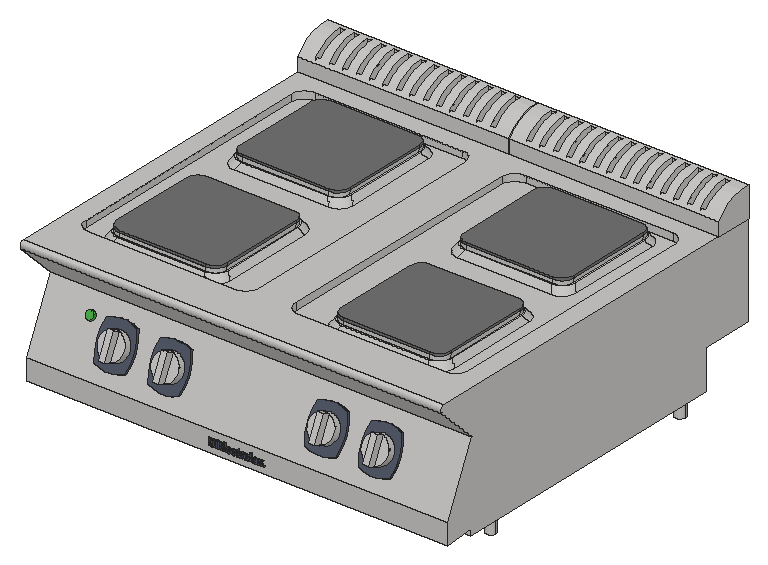
Revit family "QF_ELECTROLUXPROFESSIONAL_371130_E7ECEH4Q0N", category Specialty Equipment, Revit 2018 (continued)
Automatic sketch dimensions
  Extrusion 8 sketch curve to Extrusion 8 sketch curve = 0.472 mm
  Extrusion 8 sketch curve to Extrusion 8 sketch curve = 0.101 mm
  Extrusion 8 sketch curve to Extrusion 8 sketch curve = 0.54 mm
  Extrusion 8 sketch curve to Extrusion 8 sketch curve = 0.02 mm
  Extrusion 8 sketch curve to Extrusion 8 sketch curve = 0.468 mm
  Extrusion 8 sketch curve to Extrusion 8 sketch curve = 0.829 mm
  Extrusion 8 sketch curve to Extrusion 8 sketch curve = 0.582 mm
  Extrusion 8 sketch curve to Extrusion 8 sketch curve = 0.166 mm
  Extrusion 8 sketch curve to Extrusion 8 sketch curve = 0.16 mm
  Extrusion 8 sketch curve to Extrusion 8 sketch curve = 2.781 mm
  Extrusion 8 sketch curve to Extrusion 8 sketch curve = 1.118 mm
  Extrusion 8 sketch curve to Extrusion 8 sketch curve = 0.613 mm
  Extrusion 8 sketch curve to Extrusion 8 sketch curve = 0.361 mm
  Extrusion 8 sketch curve to Extrusion 8 sketch curve = 0.897 mm
  Extrusion 8 sketch curve to Extrusion 8 sketch curve = 0.167 mm
  Extrusion 8 sketch curve to Extrusion 8 sketch curve = 0.292 mm
  Extrusion 8 sketch curve to Extrusion 8 sketch curve = 0.305 mm
  Extrusion 8 sketch curve to Extrusion 8 sketch curve = 1.557 mm
  Extrusion 8 sketch curve to Extrusion 8 sketch curve = 2.499 mm
  Extrusion 8 sketch curve to Extrusion 8 sketch curve = 3.062 mm
  Extrusion 8 sketch curve to Extrusion 8 sketch curve = 2.968 mm
  Extrusion 8 sketch curve to Extrusion 8 sketch curve = 5.044 mm
  Extrusion 8 sketch curve to Extrusion 8 sketch curve = 0.629 mm  (x2)
  Extrusion 8 sketch curve to Extrusion 8 sketch curve = 1.131 mm
  Extrusion 8 sketch curve to Extrusion 8 sketch curve = 0.137 mm
  Extrusion 8 sketch curve to Extrusion 8 sketch curve = 0.027 mm
  Extrusion 8 sketch curve to Extrusion 8 sketch curve = 2.235 mm
  Extrusion 9 sketch curve to plane 10 "TOP A" = 0 mm
  Extrusion 9 sketch curve to plane 1 "BACK" = 0 mm
  plane 1 "BACK" to Extrusion 9 sketch curve = 4.947 mm
  plane 6 "TOP" to Extrusion 9 sketch curve = 11.113 mm
  plane 1 "BACK" to Extrusion 9 sketch curve = 69.85 mm
  Extrusion 9 sketch curve to plane 10 "TOP A" = 24.807 mm
  plane 1 "BACK" to Extrusion 10 sketch curve = 6.761 mm  (x14)
  Extrusion 10 sketch curve to Extrusion 10 sketch curve = 57.15 mm
  Extrusion 10 sketch curve to Extrusion 10 sketch curve = 0 mm  (x13)
  Extrusion 10 sketch curve to Extrusion 10 sketch curve = 9.296 mm  (x14)
  Extrusion 10 sketch curve to Extrusion 10 sketch curve = 16.193 mm  (x13)
  Extrusion 11 sketch curve to plane 10 "TOP A" = 0 mm
  Extrusion 11 sketch curve to plane 1 "BACK" = 0 mm
  plane 1 "BACK" to Extrusion 11 sketch curve = 4.947 mm
  plane 6 "TOP" to Extrusion 11 sketch curve = 11.113 mm
  plane 1 "BACK" to Extrusion 11 sketch curve = 69.85 mm
  Extrusion 11 sketch curve to plane 10 "TOP A" = 24.807 mm
  plane 1 "BACK" to Extrusion 12 sketch curve = 6.761 mm  (x14)
  Extrusion 12 sketch curve to Extrusion 12 sketch curve = 57.15 mm
  Extrusion 12 sketch curve to Extrusion 12 sketch curve = 0 mm  (x13)
  plane 7 "Center Y" to Extrusion 12 sketch curve = 29.703 mm
  Extrusion 12 sketch curve to Extrusion 12 sketch curve = 9.296 mm  (x14)
  Extrusion 12 sketch curve to Extrusion 12 sketch curve = 16.193 mm  (x13)
  Extrusion 1 to Extrusion 13 sketch curve = 35.025 mm
  Extrusion 13 sketch curve to Extrusion 13 sketch curve = 25.4 mm  (x6)
  Extrusion 13 sketch curve to Extrusion 13 sketch curve = 279.2 mm  (x2)
  Extrusion 1 to Extrusion 13 sketch curve = 103.359 mm
  Extrusion 13 sketch curve to Extrusion 13 sketch curve = 70.05 mm
  Extrusion 1 to Extrusion 13 sketch curve = 60.425 mm  (x2)
  Extrusion 1 to Extrusion 13 sketch curve = 77.959 mm
  Extrusion 1 to Extrusion 13 sketch curve = 130.285 mm
  Extrusion 13 sketch curve to Extrusion 13 sketch curve = 0 mm
  Extrusion 14 sketch curve to Extrusion 14 sketch curve = 0 mm
  Extrusion 14 sketch curve to Extrusion 14 sketch curve = 12.3 mm  (x3)
  Extrusion 14 sketch curve to Extrusion 14 sketch curve = 34.925 mm  (x2)
  Extrusion 14 sketch curve to Extrusion 14 sketch curve = 46.691 mm
  Extrusion 14 sketch curve to Extrusion 14 sketch curve = 25.114 mm
  Extrusion 16 sketch curve to Extrusion 16 sketch curve = 24.732 mm
  Extrusion 16 sketch curve to Extrusion 16 sketch curve = 0 mm
  Extrusion 17 sketch curve to plane 4 "RIGHT" = 119.333 mm
  Extrusion 17 sketch curve to Extrusion 17 sketch curve = 0 mm
  Extrusion 17 sketch curve to Extrusion 17 sketch curve = 12.3 mm  (x3)
  Extrusion 17 sketch curve to Extrusion 17 sketch curve = 34.925 mm  (x2)
  Extrusion 17 sketch curve to Extrusion 17 sketch curve = 46.691 mm
  Extrusion 17 sketch curve to Extrusion 17 sketch curve = 25.727 mm
  Extrusion 17 sketch curve to Extrusion 17 sketch curve = 26.344 mm
  Extrusion 17 sketch curve to Extrusion 17 sketch curve = 28.57 mm
  Extrusion 19 sketch curve to Extrusion 19 sketch curve = 24.732 mm
  Extrusion 19 sketch curve to Extrusion 19 sketch curve = 0 mm
  plane 7 "Center Y" to Extrusion 20 sketch curve = 178.217 mm
  Extrusion 20 sketch curve to Extrusion 20 sketch curve = 0 mm
  Extrusion 20 sketch curve to Extrusion 20 sketch curve = 12.3 mm  (x3)
  Extrusion 20 sketch curve to Extrusion 20 sketch curve = 34.925 mm  (x2)
  Extrusion 20 sketch curve to Extrusion 20 sketch curve = 46.691 mm
  Extrusion 20 sketch curve to Extrusion 20 sketch curve = 25.727 mm
  Extrusion 20 sketch curve to Extrusion 20 sketch curve = 26.344 mm
  Extrusion 20 sketch curve to Extrusion 20 sketch curve = 28.57 mm
  Extrusion 22 sketch curve to Extrusion 22 sketch curve = 24.732 mm
  Extrusion 22 sketch curve to Extrusion 22 sketch curve = 0 mm
  curve 37 to curve 37 = 9.296 mm
  curve 35 to curve 38 = 16.193 mm
  plane 3 "LEFT" to Extrusion 5 sketch curve = 119.333 mm
  Extrusion 5 sketch curve to Extrusion 5 sketch curve = 0.617 mm
  Extrusion 5 sketch curve to Extrusion 5 sketch curve = 28.57 mm
  Extrusion 5 sketch curve to Extrusion 5 sketch curve = 29.185 mm
  plane 3 "LEFT" to Extrusion 10 sketch curve = 29.703 mm
  Extrusion 14 sketch curve to plane 7 "Center Y" = 178.217 mm
  Extrusion 14 sketch curve to Extrusion 14 sketch curve = 0.617 mm
  Extrusion 14 sketch curve to Extrusion 14 sketch curve = 29.185 mm
  Extrusion 1 to Extrusion 23 sketch curve = 38.77 mm
  Extrusion 1 to Extrusion 23 sketch curve = 89.384 mm
  curve 4 to curve 7 = 69.85 mm
  curve 126 to plane 12 = 17.353 mm
  plane 3 "LEFT" to curve 126 = 35.025 mm
  curve 126 to curve 127 = 25.4 mm
  curve 125 to curve 125 = 25.4 mm
  plane 11 to curve 123 = 21.6 mm
  curve 123 to plane 7 "Center Y" = 60.425 mm
  curve 129 to plane 12 = 17.353 mm
  curve 129 to plane 7 "Center Y" = 60.425 mm
  curve 131 to plane 12 = 17.353 mm
  plane 7 "Center Y" to curve 131 = 35.025 mm
  curve 130 to curve 132 = 25.4 mm
  curve 137 to curve 137 = 25.4 mm
  curve 135 to plane 4 "RIGHT" = 60.425 mm
  curve 133 to plane 12 = 17.353 mm
  curve 133 to plane 4 "RIGHT" = 60.425 mm
  plane 11 to curve 136 = 47 mm
  radius of Extrusion 2 sketch curve = 9.525 mm  (x4)
  radius of Extrusion 3 sketch curve = 12.7 mm
  radius of Extrusion 6 sketch curve = 25.4 mm
  radius of Extrusion 7 sketch curve to Extrusion 6 = 0 mm  (x2)
  radius of Extrusion 15 sketch curve = 25.4 mm
  radius of Extrusion 16 sketch curve to Extrusion 15 = 0 mm  (x2)
  radius of Extrusion 18 sketch curve = 25.4 mm
  radius of Extrusion 19 sketch curve to Extrusion 18 = 0 mm  (x2)
  radius of Extrusion 21 sketch curve = 25.4 mm
  radius of Extrusion 22 sketch curve to Extrusion 21 = 0 mm  (x2)
  radius of Extrusion 23 sketch curve = 8 mm
Nested families
  nested 1: "371017_QF_Electrolux_HOT PLATES" at (72.525, -113.898, 261.938), type "371017_QF_Electrolux_HOT PLATES"
    with Type Mark "", Specification by User "", Revision Code "", Item Number "", Installed By "", Identify Quantity as Lot yes, Furnished By "", Foodservice Equipment Identifier yes
  nested 2: "371017_QF_Electrolux_HOT PLATES" at (72.525, -635.872, 261.938), type "371017_QF_Electrolux_HOT PLATES"
    with Type Mark "", Specification by User "", Revision Code "", Item Number "", Installed By "", Identify Quantity as Lot yes, Furnished By "", Foodservice Equipment Identifier yes
  nested 3: "371017_QF_Electrolux_HOT PLATES" at (727.575, -113.898, 261.938) x (-1, 0, 0) z (0, 0, 1), type "371017_QF_Electrolux_HOT PLATES"
    with Type Mark "", Specification by User "", Revision Code "", Item Number "", Installed By "", Identify Quantity as Lot yes, Furnished By "", Foodservice Equipment Identifier yes
  nested 4: "371017_QF_Electrolux_HOT PLATES" at (727.575, -635.872, 261.938) x (-1, 0, 0) z (0, 0, 1), type "371017_QF_Electrolux_HOT PLATES"
    with Type Mark "", Specification by User "", Revision Code "", Item Number "", Installed By "", Identify Quantity as Lot yes, Furnished By "", Foodservice Equipment Identifier yes
Connectors
  electrical at (747.712, -98.425, 60.325), driven by "Volts", driven by "Watts"
    settings: on Extrusion 3, index 1, voltage 230 V, apparent load 10400 VA, apparent load phase1 0 VA, apparent load phase2 0 VA, apparent load phase3 0 VA, power factor 1, load classification "Other", number of poles 1, system type 30, power factor state 1, is connector primary yes, connector utility no, sub classification motor no, connector description "Electrical Connection"
Definition of nested family "371017_QF_Electrolux_HOT PLATES"
  Parameters
    Width = 230 mm  # constant formula
    Weight in Pounds = 0
    URL Cutsheet = ""
    URL = ""
    Type Mark [instance] = ""
    Specification by User [instance] = ""
    Specification by Manufacturer = ""
    Serial Number = ""
    Seismic Rating = ""
    SMACNA No = ""
    Revision Code [instance] = ""
    Omniclass Number and Title = ""
    NAFEM Spec ID Number = ""
    Model = ""
    Masterspec = ""
    Manufacturer = ""
    Item Number [instance] = ""
    Installed By [instance] = ""
    Identify Quantity as Lot [instance] = yes
    Height = 23 mm  # constant formula
    Furnished By [instance] = ""
    Foodservice Equipment Identifier [instance] = yes
    Description = ""
    Depth = 230 mm  # constant formula
    CSI MasterFormat = ""
    CSI Master Format = ""
    Assembly Code = ""
  Reference planes
    plane 1 "BACK": y = 0
    plane 2: z = 0
    plane 3 "LEFT": x = 0
    plane 4 "RIGHT": x = 230
    plane 5 "FRONT": y = -230
    plane 6 "TOP": z = 23
    plane 7 "Center Y": x = 115
    plane 8 "Center X": y = -115
  Forms (mm)
    Extrusion 1, solid
      sketch origin (-72.525, 113.875, 19.181) x (1, 0, 0) y (0, 1, 0)
        loop
          arc (82.823, -310.573) -> (89.325, -326.271) -> (105.023, -332.773) r 22.2
          line (105.023, -332.773) -> (269.223, -332.773)
          arc (269.223, -332.773) -> (284.921, -326.271) -> (291.423, -310.573) r 22.2
          line (291.423, -310.573) -> (291.423, -146.373)
          arc (291.423, -146.373) -> (284.921, -130.675) -> (269.223, -124.173) r 22.2
          line (269.223, -124.173) -> (105.023, -124.173)
          arc (105.023, -124.173) -> (89.325, -130.675) -> (82.823, -146.373) r 22.2
          line (82.823, -146.373) -> (82.823, -310.573)
      from 0 to 3.819
    Blend 2, solid
      base sketch origin (-72.525, 113.875, 0) x (1, 0, 0) y (0, 1, 0)
        loop
          arc (97.925, -113.875) -> (79.964, -121.314) -> (72.525, -139.275) r 25.4
          line (72.525, -139.275) -> (72.525, -318.475)
          arc (72.525, -318.475) -> (79.964, -336.436) -> (97.925, -343.875) r 25.4
          line (97.925, -343.875) -> (277.125, -343.875)
          arc (277.125, -343.875) -> (295.086, -336.436) -> (302.525, -318.475) r 25.4
          line (302.525, -318.475) -> (302.525, -139.275)
          arc (302.525, -139.275) -> (295.086, -121.314) -> (277.125, -113.875) r 25.4
          line (277.125, -113.875) -> (97.925, -113.875)
      top sketch origin (-72.525, 113.875, 0) x (1, 0, 0) y (0, 1, 0)
        loop
          line (105.023, -335.973) -> (269.223, -335.973)
          arc (269.223, -335.973) -> (287.183, -328.533) -> (294.623, -310.573) r 25.4
          line (294.623, -310.573) -> (294.623, -146.373)
          arc (294.623, -146.373) -> (287.183, -128.412) -> (269.223, -120.973) r 25.4
          line (269.223, -120.973) -> (105.023, -120.973)
          arc (105.023, -120.973) -> (87.062, -128.412) -> (79.623, -146.373) r 25.4
          line (79.623, -146.373) -> (79.623, -310.573)
          arc (79.623, -310.573) -> (87.062, -328.533) -> (105.023, -335.973) r 25.4
      from 0 to 11.731
    Extrusion 3, solid
      sketch origin (-72.525, 113.875, 11.731) x (1, 0, 0) y (0, 1, 0)
        loop
          line (105.023, -332.773) -> (269.223, -332.773)
          arc (269.223, -332.773) -> (284.921, -326.271) -> (291.423, -310.573) r 22.2
          line (291.423, -310.573) -> (291.423, -146.373)
          arc (291.423, -146.373) -> (284.921, -130.675) -> (269.223, -124.173) r 22.2
          line (269.223, -124.173) -> (105.023, -124.173)
          arc (105.023, -124.173) -> (89.325, -130.675) -> (82.823, -146.373) r 22.2
          line (82.823, -146.373) -> (82.823, -310.573)
          arc (82.823, -310.573) -> (89.325, -326.271) -> (105.023, -332.773) r 22.2
      from 0 to 7.45
  Lines and regions (mm)
    symbolic lines
      curve 1: arc (0, -25.4, 0) -> (7.439, -7.439, 0) -> (25.4, 0, 0) r 25.4
      curve 2: line (25.4, 0, 0) -> (204.6, 0, 0)
      curve 3: arc (204.6, 0, 0) -> (222.561, -7.439, 0) -> (230, -25.4, 0) r 25.4
      curve 4: line (230, -25.4, 0) -> (230, -204.6, 0)
      curve 5: line (0, -204.6, 0) -> (0, -25.4, 0)
      curve 6: arc (25.4, -230, 0) -> (7.439, -222.561, 0) -> (0, -204.6, 0) r 25.4
      curve 7: line (204.6, -230, 0) -> (25.4, -230, 0)
      curve 8: arc (230, -204.6, 0) -> (222.561, -222.561, 0) -> (204.6, -230, 0) r 25.4
      curve 9: line (196.698, -7.098, 0) -> (32.498, -7.098, 0)
      curve 10: arc (32.498, -7.098, 0) -> (14.537, -14.537, 0) -> (7.098, -32.498, 0) r 25.4
      curve 11: line (7.098, -32.498, 0) -> (7.098, -196.698, 0)
      curve 12: arc (7.098, -196.698, 0) -> (14.537, -214.658, 0) -> (32.498, -222.098, 0) r 25.4
      curve 13: line (32.498, -222.098, 0) -> (196.698, -222.098, 0)
      curve 14: arc (196.698, -222.098, 0) -> (214.658, -214.658, 0) -> (222.098, -196.698, 0) r 25.4
      curve 15: line (222.098, -196.698, 0) -> (222.098, -32.498, 0)
      curve 16: arc (222.098, -32.498, 0) -> (214.658, -14.537, 0) -> (196.698, -7.098, 0) r 25.4
      curve 17: line (196.698, -10.298, 0) -> (32.498, -10.298, 0)
      curve 18: arc (32.498, -10.298, 0) -> (16.8, -16.8, 0) -> (10.298, -32.498, 0) r 22.2
      curve 19: line (10.298, -32.498, 0) -> (10.298, -196.698, 0)
      curve 20: arc (10.298, -196.698, 0) -> (16.8, -212.396, 0) -> (32.498, -218.898, 0) r 22.2
      curve 21: line (32.498, -218.898, 0) -> (196.698, -218.898, 0)
      curve 22: arc (196.698, -218.898, 0) -> (212.396, -212.396, 0) -> (218.898, -196.698, 0) r 22.2
      curve 23: line (218.898, -196.698, 0) -> (218.898, -32.498, 0)
      curve 24: arc (218.898, -32.498, 0) -> (212.396, -16.8, 0) -> (196.698, -10.298, 0) r 22.2
  Dimensions and locks
    equal spacing: plane 3 "LEFT", plane 7 "Center Y", plane 4 "RIGHT"
    "Width": plane 3 "LEFT" to plane 4 "RIGHT"
    equal spacing: plane 5 "FRONT", plane 8 "Center X", plane 1 "BACK"
    "Depth": plane 5 "FRONT" to plane 1 "BACK"
    plane 1 "BACK" to plane 5 "FRONT" = 230 mm
    "Height": plane 6 "TOP" to level
    aligned and locked: level to plane 2
  Automatic sketch dimensions
    Blend 2 sketch curve to plane 3 "LEFT" = 0 mm
    plane 1 "BACK" to Blend 2 sketch curve = 0 mm
    plane 5 "FRONT" to Blend 2 sketch curve = 0 mm
    Blend 2 sketch curve to plane 4 "RIGHT" = 0 mm
    plane 3 "LEFT" to Blend 2 sketch curve = 25.4 mm  (x2)
    Blend 2 sketch curve to plane 4 "RIGHT" = 25.4 mm  (x2)
    plane 3 "LEFT" to Blend 2 sketch curve = 7.098 mm
    plane 1 "BACK" to Blend 2 sketch curve = 7.098 mm
    plane 3 "LEFT" to Blend 2 sketch curve = 32.498 mm
    Blend 2 sketch curve to Blend 2 sketch curve = 25.4 mm
    Blend 2 sketch curve to plane 5 "FRONT" = 7.902 mm
    Blend 2 sketch curve to plane 4 "RIGHT" = 33.302 mm  (x2)
    Blend 2 sketch curve to plane 4 "RIGHT" = 7.902 mm
    Extrusion 3 sketch curve to Extrusion 3 sketch curve = 22.2 mm
    Extrusion 3 sketch curve to Blend 2 = 25.4 mm
    Extrusion 1 sketch curve to Extrusion 3 = 22.2 mm
    Extrusion 1 sketch curve to Extrusion 1 sketch curve = 22.2 mm
    curve 1 to plane 3 "LEFT" = 0 mm
    plane 1 "BACK" to curve 1 = 0 mm
    plane 3 "LEFT" to curve 1 = 25.4 mm
    curve 2 to plane 4 "RIGHT" = 25.4 mm
    curve 3 to plane 4 "RIGHT" = 0 mm
    curve 4 to plane 5 "FRONT" = 25.4 mm
    curve 5 to plane 5 "FRONT" = 25.4 mm
    plane 5 "FRONT" to curve 6 = 0 mm
    plane 3 "LEFT" to curve 11 = 7.098 mm
    curve 6 to curve 13 = 7.098 mm
    plane 1 "BACK" to curve 10 = 7.098 mm
    curve 1 to curve 10 = 7.098 mm
    curve 14 to curve 7 = 7.902 mm
    curve 16 to curve 3 = 7.902 mm
    curve 16 to plane 4 "RIGHT" = 7.902 mm
    curve 13 to plane 5 "FRONT" = 7.902 mm
    curve 10 to curve 18 = 0 mm  (x2)
    curve 12 to curve 20 = 0 mm  (x2)
    curve 14 to curve 22 = 0 mm  (x2)
    curve 16 to curve 24 = 0 mm
    curve 10 to curve 19 = 3.2 mm
    radius of Extrusion 3 sketch curve to Blend 2 = 3.2 mm  (x2)
    radius of Extrusion 1 sketch curve to Extrusion 3 = 0 mm  (x2)
